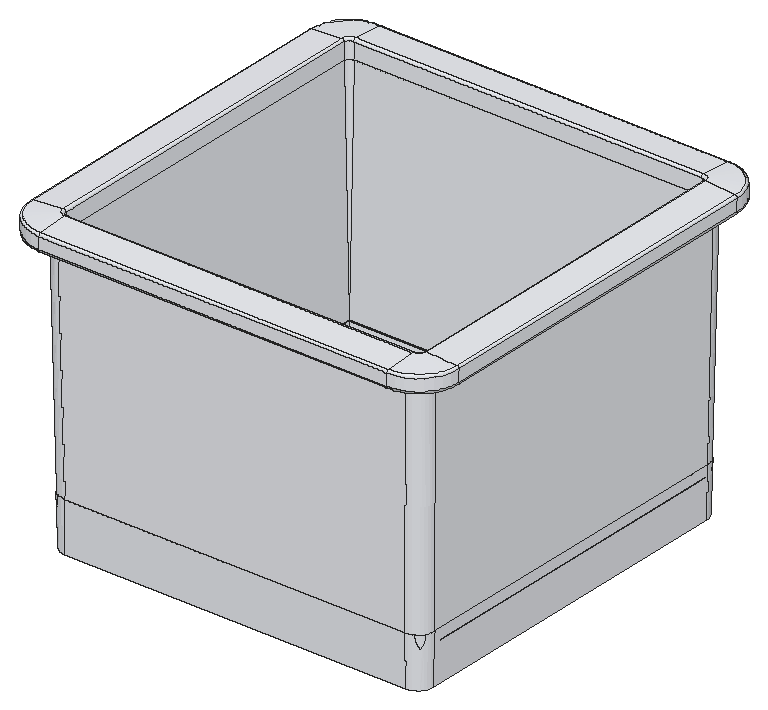
Revit family "Sink-Lab-Caroma Medium1", category Plumbing Fixtures, host Face, Revit 2012
Parameters (values of type "Lab Sink Medium")
  Width_ANZRS = 375 mm  # constant formula
  Waste Radius [instance] = 30 mm
  Waste Position = 187.5 mm  # constant formula
  Waste Connection = yes
  Waste = Metal-Chrome-Caroma
  WFU = 2
  Vent Connection = no
  URL = "www.caroma.com.au"
  Type Comments = "50mm plug and waste not included"  # constant formula
  PlumbingMaterial_ANZRS = PVC-White-Caroma
  ModifiedIssue_ANZRS = 1.1  # constant formula
  Model = "674102W"
  Material_ANZRS = Porcelain-White-Caroma
  Manufacturer = "Caroma"  # constant formula
  Length_ANZRS = 375 mm  # constant formula
  Keynote = "SK"
  HW Connection = no
  Description = "Lab Sink Medium"
  Depth_ANZRS = 265 mm  # constant formula
  Default Elevation = 0 mm
  CreatedBy_ANZRS = "Design Content"  # constant formula
  CreatedByURL_ANZRS = "www.designcontent.com.au"
  Cost = 749  # constant formula
  CW Connection = no
  Assembly Code = "D2010430"
Reference planes
  plane 1 "Center (Front/Back)": y = 0
  plane 2: z = 0
  plane 3 "Center (Left/Right)": x = 0
  plane 4 "Back": y = 187.5
  plane 5 "Front": y = -187.5
  plane 6 "Left": x = -187.5
  plane 7 "Right": x = 187.5
  plane 8 "Top": z = 18
  plane 9 "Waste Connector": z = -247
  plane 10 "Waste": y = 0
  plane 11: z = -227
Forms (mm)
  Sweep 1, solid, material "Porcelain-White-Caroma" <- "Material_ANZRS"
    path origin (0, 0, 0) x (1, 0, 0) y (0, 1, 0)
      loop
        arc (-152.5, 157.5) -> (-156.036, 156.036) -> (-157.5, 152.5) r 5
        line (-157.5, 152.5) -> (-157.5, -152.5)
        arc (-157.5, -152.5) -> (-156.036, -156.036) -> (-152.5, -157.5) r 5
        line (-152.5, -157.5) -> (152.5, -157.5)
        arc (152.5, -157.5) -> (156.036, -156.036) -> (157.5, -152.5) r 5
        line (157.5, -152.5) -> (157.5, 152.5)
        arc (157.5, 152.5) -> (156.036, 156.036) -> (152.5, 157.5) r 5
        line (152.5, 157.5) -> (-152.5, 157.5)
    profile origin (0, 157.5, 0) x (0, 1, 0) y (0, 0, 1)
      loop
        line (30, 2) -> (30, 12.533)
        arc (30, 12.533) -> (29.495, 13.872) -> (28.231, 14.545) r 2.029
        arc (28.231, 14.545) -> (15.153, 15.837) -> (2.022, 16.348) r 220.593
        arc (2.022, 16.348) -> (0.609, 15.781) -> (0.004, 14.383) r 2
        line (0.004, 14.383) -> (-0.247, 0) -> (28, 0)
        arc (28, 0) -> (29.414, 0.586) -> (30, 2) r 2
  Blend 2, solid, material "Porcelain-White-Caroma" <- "Material_ANZRS"
    base sketch origin (0, 0, 0) x (1, 0, 0) y (0, 1, 0)
      loop
        line (-157.253, -152.5) -> (-157.253, 152.5)
        arc (-157.253, 152.5) -> (-155.861, 155.861) -> (-152.5, 157.253) r 4.753
        line (-152.5, 157.253) -> (0, 157.253) -> (0, 167.253) -> (-152.5, 167.253)
        arc (-152.5, 167.253) -> (-162.932, 162.932) -> (-167.253, 152.5) r 14.753
        line (-167.253, 152.5) -> (-167.253, -152.5)
        arc (-167.253, -152.5) -> (-162.932, -162.932) -> (-152.5, -167.253) r 14.753
        line (-152.5, -167.253) -> (0, -167.253) -> (0, -157.253) -> (-152.5, -157.253)
        arc (-152.5, -157.253) -> (-155.861, -155.861) -> (-157.253, -152.5) r 4.753
    top sketch origin (0, 0, 0) x (1, 0, 0) y (0, 1, 0)
      loop
        line (0, -154.053) -> (-154.053, -154.053) -> (-154.053, 154.053) -> (0, 154.053) -> (0, 164.053) -> (-149.253, 164.053)
        arc (-149.253, 164.053) -> (-159.718, 159.718) -> (-164.053, 149.253) r 14.8
        line (-164.053, 149.253) -> (-164.053, -149.253)
        arc (-164.053, -149.253) -> (-159.718, -159.718) -> (-149.253, -164.053) r 14.8
        line (-149.253, -164.053) -> (0, -164.053) -> (0, -154.053)
    from 0 to -203
  Sweep 3, solid, material "Porcelain-White-Caroma" <- "Material_ANZRS"
    path origin (0, 0, 0) x (1, 0, 0) y (0, 1, 0)
      loop
        line (-154.053, 154.053) -> (-154.053, -154.053) -> (154.053, -154.053) -> (154.053, 154.053) -> (-154.053, 154.053)
    profile origin (0, 154.053, 0) x (0, 1, 0) y (0, 0, 1)
      loop
        arc (-0.028, -204.455) -> (-4.1, -214.446) -> (-13.824, -219.119) r 15
        line (-13.824, -219.119) -> (-106.368, -226.552) -> (-106.368, -234.578) -> (-13.184, -227.093)
        arc (-13.184, -227.093) -> (1.727, -219.927) -> (7.971, -204.608) r 23
        line (7.971, -204.608) -> (8.001, -203) -> (0, -203) -> (-0.028, -204.455)
  Sweep 4, solid, material "Porcelain-White-Caroma" <- "Material_ANZRS"
    path origin (0, 0, 0) x (1, 0, 0) y (0, 1, 0)
      loop
        line (-149.253, -164.053) -> (149.253, -164.053)
        arc (149.253, -164.053) -> (159.718, -159.718) -> (164.053, -149.253) r 14.8
        line (164.053, -149.253) -> (164.053, 149.253)
        arc (164.053, 149.253) -> (159.718, 159.718) -> (149.253, 164.053) r 14.8
        line (149.253, 164.053) -> (-149.253, 164.053)
        arc (-149.253, 164.053) -> (-159.718, 159.718) -> (-164.053, 149.253) r 14.8
        line (-164.053, 149.253) -> (-164.053, -149.253)
        arc (-164.053, -149.253) -> (-159.718, -159.718) -> (-149.253, -164.053) r 14.8
    profile origin (0, 164.053, 0) x (0, 1, 0) y (0, 0, 1)
      loop
        line (-0.843, -247) -> (0, -203) -> (-5.001, -203) -> (-5.844, -247) -> (-0.843, -247)
  Blend 5, solid, material "Porcelain-White-Caroma" <- "Material_ANZRS"
    base sketch origin (0, 0, 0) x (-1, 0, 0) y (0, -1, 0)
      loop
        arc (-157.253, 152.5) -> (-155.861, 155.861) -> (-152.5, 157.253) r 4.753
        line (-152.5, 157.253) -> (0, 157.253) -> (0, 167.253) -> (-152.5, 167.253)
        arc (-152.5, 167.253) -> (-162.932, 162.932) -> (-167.253, 152.5) r 14.753
        line (-167.253, 152.5) -> (-167.253, -152.5)
        arc (-167.253, -152.5) -> (-162.932, -162.932) -> (-152.5, -167.253) r 14.753
        line (-152.5, -167.253) -> (0, -167.253) -> (0, -157.253) -> (-152.5, -157.253)
        arc (-152.5, -157.253) -> (-155.861, -155.861) -> (-157.253, -152.5) r 4.753
        line (-157.253, -152.5) -> (-157.253, 152.5)
    top sketch origin (0, 0, 0) x (-1, 0, 0) y (0, -1, 0)
      loop
        line (0, 154.053) -> (0, 164.053) -> (-149.253, 164.053)
        arc (-149.253, 164.053) -> (-159.718, 159.718) -> (-164.053, 149.253) r 14.8
        line (-164.053, 149.253) -> (-164.053, -149.253)
        arc (-164.053, -149.253) -> (-159.718, -159.718) -> (-149.253, -164.053) r 14.8
        line (-149.253, -164.053) -> (0, -164.053) -> (0, -154.053) -> (-154.053, -154.053) -> (-154.053, 154.053) -> (0, 154.053)
    from 0 to -203
  Sweep 6, void
    path origin (0, 0, 0) x (1, 0, 0) y (0, 1, 0)
      loop
        line (-149.253, -164.053) -> (149.253, -164.053)
        arc (149.253, -164.053) -> (159.718, -159.718) -> (164.053, -149.253) r 14.8
        line (164.053, -149.253) -> (164.053, 149.253)
        arc (164.053, 149.253) -> (159.718, 159.718) -> (149.253, 164.053) r 14.8
        line (149.253, 164.053) -> (-149.253, 164.053)
        arc (-149.253, 164.053) -> (-159.718, 159.718) -> (-164.053, 149.253) r 14.8
        line (-164.053, 149.253) -> (-164.053, -149.253)
        arc (-164.053, -149.253) -> (-159.718, -159.718) -> (-149.253, -164.053) r 14.8
    profile origin (0, 164.053, 0) x (0, 1, 0) y (0, 0, 1)
      loop
        line (-0.843, -247) -> (23.447, -247) -> (23.447, -203) -> (0, -203) -> (-0.843, -247)
  Extrusion 7, solid, material "Porcelain-White-Caroma" <- "Material_ANZRS"
    sketch origin (0, 0, 0) x (1, 0, 0) y (0, 1, 0)
      loop
        line (-47.685, 47.685) -> (-47.685, -47.685) -> (47.685, -47.685) -> (47.685, 47.685) -> (-47.685, 47.685)
    from -226.552 to -234.578
  Revolve 8, solid, material "Metal-Chrome-Caroma" <- "Waste", detail levels fine
    sketch origin (0, 0, 0) x (0, 1, 0) y (0, 0, 1)
      loop
        line (0, -246.269) -> (12.21, -246.269) -> (21.918, -240.887) -> (21.918, -238.467) -> (29.948, -238.467) -> (29.948, -237.557) -> (28.872, -236.885) -> (22.656, -236.885) -> (21.446, -238.094) -> (21.446, -240.891) -> (18.572, -242.484) -> (18.572, -241.473) -> (17.217, -240.118)
        arc (17.217, -240.118) -> (8.63, -239.203) -> (0, -238.898) r 122.166
        line (0, -238.898) -> (0, -246.269)
      axis (0, -246.269) -> (0, -236.885)
    angle from 0 to 360
  Revolve 9, void
    sketch origin (0, 0, 0) x (0, 1, 0) y (0, 0, 1)
      loop
        line (32.478, -248.67) -> (32.478, -234.593) -> (58.279, -219.696) -> (0, -219.696) -> (0, -248.67) -> (32.478, -248.67)
      axis (0, -219.696) -> (0, -248.67)
    angle from 0 to 360
  Revolve 10, solid, material "Porcelain-White-Caroma" <- "Material_ANZRS"
    sketch origin (0, 0, 0) x (0, 1, 0) y (0, 0, 1)
      loop
        line (32.478, -244.218) -> (20, -255.453) -> (20, -278.67) -> (30, -278.67) -> (30, -259.905) -> (42.478, -248.67) -> (42.478, -240.366) -> (54.218, -233.588) -> (44.015, -227.932) -> (32.478, -234.593) -> (32.478, -244.218)
      axis (0, -227.932) -> (0, -278.67)
    angle from 0 to 360
  Extrusion 11, void
    sketch origin (0, 0, 0) x (1, 0, 0) y (0, 1, 0)
      loop
        arc (-157.5, 177.5) -> (-171.642, 171.642) -> (-177.5, 157.5) r 20
        line (-177.5, 157.5) -> (-177.5, -157.5)
        arc (-177.5, -157.5) -> (-171.642, -171.642) -> (-157.5, -177.5) r 20
        line (-157.5, -177.5) -> (157.5, -177.5)
        arc (157.5, -177.5) -> (171.642, -171.642) -> (177.5, -157.5) r 20
        line (177.5, -157.5) -> (177.5, 157.5)
        arc (177.5, 157.5) -> (171.642, 171.642) -> (157.5, 177.5) r 20
        line (157.5, 177.5) -> (-157.5, 177.5)
    from 0 to -247
  Extrusion 12, void
    sketch origin (0, 0, 0) x (1, 0, 0) y (0, 1, 0)
      loop
        arc (-157.5, 177.5) -> (-171.642, 171.642) -> (-177.5, 157.5) r 20
        line (-177.5, 157.5) -> (-177.5, -157.5)
        arc (-177.5, -157.5) -> (-171.642, -171.642) -> (-157.5, -177.5) r 20
        line (-157.5, -177.5) -> (157.5, -177.5)
        arc (157.5, -177.5) -> (171.642, -171.642) -> (177.5, -157.5) r 20
        line (177.5, -157.5) -> (177.5, 157.5)
        arc (177.5, 157.5) -> (171.642, 171.642) -> (157.5, 177.5) r 20
        line (157.5, 177.5) -> (-157.5, 177.5)
    from 0 to -247
Cuts and joins
  Revolve 9 cuts Extrusion 7
  Sweep 6 cuts Sweep 3
  joined: Sweep 3, Sweep 4
  joined: Blend 2, Blend 5
Lines and regions (mm)
  Masking region 1
    outline origin (0, 0, 0) x (1, 0, 0) y (0, 1, 0)
      loop
        arc (-157.5, 187.5) -> (-178.713, 178.713) -> (-187.5, 157.5) r 30
        line (-187.5, 157.5) -> (-187.5, -157.5)
        arc (-187.5, -157.5) -> (-178.713, -178.713) -> (-157.5, -187.5) r 30
        line (-157.5, -187.5) -> (157.5, -187.5)
        arc (157.5, -187.5) -> (178.713, -178.713) -> (187.5, -157.5) r 30
        line (187.5, -157.5) -> (187.5, 157.5)
        arc (187.5, 157.5) -> (178.713, 178.713) -> (157.5, 187.5) r 30
        line (157.5, 187.5) -> (-157.5, 187.5)
  Masking region 2
    outline origin (0, 0, 0) x (1, 0, 0) y (0, 0, 1)
      loop
        line (-185.5, 0) -> (185.5, 0)
        arc (185.5, 0) -> (186.914, 0.586) -> (187.5, 2) r 2
        line (187.5, 2) -> (187.5, 11.77)
        arc (187.5, 11.77) -> (187.003, 13.103) -> (185.754, 13.785) r 2.036
        arc (185.754, 13.785) -> (172.651, 15.227) -> (159.477, 15.709) r 180.346
        line (159.477, 15.709) -> (-159.477, 15.709)
        arc (-159.477, 15.709) -> (-172.631, 15.392) -> (-185.754, 14.44) r 272.651
        arc (-185.754, 14.44) -> (-187.003, 13.758) -> (-187.5, 12.425) r 2.036
        line (-187.5, 12.425) -> (-187.5, 2)
        arc (-187.5, 2) -> (-186.914, 0.586) -> (-185.5, 0) r 2
  Masking region 3
    outline origin (0, 0, 0) x (0, 1, 0) y (0, 0, 1)
      loop
        line (-185.5, 0) -> (185.5, 0)
        arc (185.5, 0) -> (186.914, 0.586) -> (187.5, 2) r 2
        line (187.5, 2) -> (187.5, 11.77)
        arc (187.5, 11.77) -> (187.003, 13.103) -> (185.754, 13.785) r 2.036
        arc (185.754, 13.785) -> (172.651, 15.227) -> (159.477, 15.709) r 180.346
        line (159.477, 15.709) -> (-159.477, 15.709)
        arc (-159.477, 15.709) -> (-172.631, 15.392) -> (-185.754, 14.44) r 272.651
        arc (-185.754, 14.44) -> (-187.003, 13.758) -> (-187.5, 12.425) r 2.036
        line (-187.5, 12.425) -> (-187.5, 2)
        arc (-187.5, 2) -> (-186.914, 0.586) -> (-185.5, 0) r 2
  symbolic lines
    curve 1: circle (0, 0, 0) r 26.339 normal (0, 0, 1)
    curve 2: circle (0, 0, 0) r 36.61 normal (0, 0, 1)
  symbolic lines, style "PlumbingFixtures"
    curve 3: line (-157.5, 152.5, 0) -> (-157.5, -152.5, 0)
    curve 4: line (-152.5, -157.5, 0) -> (152.5, -157.5, 0)
    curve 5: line (157.5, -152.5, 0) -> (157.5, 152.5, 0)
    curve 6: line (152.5, 157.5, 0) -> (-152.5, 157.5, 0)
    curve 7: arc (-152.5, 157.5, 0) -> (-156.036, 156.036, 0) -> (-157.5, 152.5, 0) r 5
    curve 8: arc (157.5, 152.5, 0) -> (156.036, 156.036, 0) -> (152.5, 157.5, 0) r 5
    curve 9: arc (-157.5, -152.5, 0) -> (-156.036, -156.036, 0) -> (-152.5, -157.5, 0) r 5
    curve 10: arc (152.5, -157.5, 0) -> (156.036, -156.036, 0) -> (157.5, -152.5, 0) r 5
  symbolic lines, style "PlumbingFixturesHiddenLines"
    curve 11: line (0, 167.253, 0) -> (0, 163.267, -248.67)
    curve 12: line (0, 163.267, -248.67) -> (0, -163.267, -248.67)
    curve 13: line (0, -167.253, 0) -> (0, -163.267, -248.67)
    curve 14: line (-167.253, 0, 0) -> (-163.037, 0, -247)
    curve 15: line (-163.037, 0, -247) -> (163.037, 0, -247)
    curve 16: line (167.253, 0, 0) -> (163.037, 0, -247)
Dimensions and locks
  equal spacing: plane 6 "Left", plane 3 "Center (Left/Right)", plane 7 "Right"
  "Length_ANZRS": plane 6 "Left" to plane 7 "Right"
  equal spacing: plane 4 "Back", plane 1 "Center (Front/Back)", plane 5 "Front"
  "Width_ANZRS": plane 5 "Front" to plane 4 "Back"
  locked: plane 8 "Top" to level at 18
  "Waste Position": plane 4 "Back" to plane 10 "Waste"
  "Depth_ANZRS": plane 8 "Top" to plane 9 "Waste Connector"
  locked: Sweep 1 sketch curve to plane 7 "Right" at 30
  locked: plane 4 "Back" to Sweep 1 sketch curve at 30
  locked: plane 6 "Left" to Sweep 1 sketch curve at 30
  locked: plane 5 "Front" to Sweep 1 sketch curve at 30
  locked: plane 11 to plane 9 "Waste Connector" at 20
  aligned and locked: plane 2 to host face
  aligned and locked: level to host face
Automatic sketch dimensions
  host sketch curve to host sketch curve = 2438.4 mm  (x2)
  Sweep 1 sketch curve to Sweep 1 sketch curve = 5 mm  (x4)
  Sweep 1 sketch curve to level = 0 mm
  profile plane to Sweep 1 sketch curve = 0.247 mm
  Sweep 1 sketch curve to profile plane = 0.004 mm
  Sweep 1 sketch curve to profile plane = 0.011 mm
  Sweep 1 sketch curve to Sweep 1 sketch curve = 2 mm
  Sweep 1 sketch curve to Sweep 1 sketch curve = 0.018 mm
  Sweep 1 sketch curve to Sweep 1 sketch curve = 0 mm  (x2)
  level to Sweep 1 sketch curve = 12.533 mm
  Sweep 1 sketch curve to Sweep 1 sketch curve = 25.967 mm
  level to Sweep 1 sketch curve = 2 mm
  Sweep 1 sketch curve to Sweep 1 sketch curve = 0.029 mm
  Sweep 1 sketch curve to Sweep 1 sketch curve = 0.26 mm
  Blend 2 sketch curve to Blend 2 sketch curve = 0 mm  (x4)
  Blend 2 sketch curve to plane 3 "Center (Left/Right)" = 0 mm  (x4)
  Blend 2 sketch curve to plane 6 "Left" = 35 mm  (x2)
  Blend 2 sketch curve to Blend 2 sketch curve = 4.753 mm
  Blend 2 sketch curve to Blend 2 sketch curve = 10 mm  (x4)
  Blend 2 sketch curve to plane 5 "Front" = 20.247 mm
  Blend 2 sketch curve to plane 4 "Back" = 35 mm
  Blend 2 sketch curve to plane 6 "Left" = 38.247 mm  (x2)
  Blend 2 sketch curve to Blend 2 sketch curve = 4.8 mm
  Blend 2 sketch curve to plane 5 "Front" = 23.447 mm
  Blend 2 sketch curve to plane 4 "Back" = 38.247 mm
  Sweep 3 sketch curve to plane 6 "Left" = 33.447 mm
  Sweep 3 sketch curve to plane 7 "Right" = 33.447 mm
  Sweep 3 sketch curve to plane 5 "Front" = 33.447 mm
  Sweep 3 sketch curve to plane 4 "Back" = 33.447 mm
  Sweep 4 sketch curve to plane 6 "Left" = 23.447 mm
  Sweep 4 sketch curve to Sweep 4 sketch curve = 14.8 mm  (x3)
  Sweep 4 sketch curve to plane 7 "Right" = 38.247 mm  (x2)
  Sweep 4 sketch curve to plane 4 "Back" = 23.447 mm
  Sweep 4 sketch curve to plane 5 "Front" = 38.247 mm
  Blend 5 sketch curve to Blend 5 sketch curve = 0 mm  (x4)
  Blend 5 sketch curve to plane 3 "Center (Left/Right)" = 0 mm  (x4)
  plane 7 "Right" to Blend 5 sketch curve = 35 mm  (x2)
  Blend 5 sketch curve to Blend 5 sketch curve = 4.753 mm
  Blend 5 sketch curve to Blend 5 sketch curve = 10 mm  (x4)
  plane 5 "Front" to Blend 5 sketch curve = 20.247 mm
  plane 4 "Back" to Blend 5 sketch curve = 35 mm
  plane 7 "Right" to Blend 5 sketch curve = 38.247 mm  (x2)
  Blend 5 sketch curve to Blend 5 sketch curve = 4.8 mm
  plane 5 "Front" to Blend 5 sketch curve = 23.447 mm
  plane 4 "Back" to Blend 5 sketch curve = 38.247 mm
  Sweep 6 sketch curve to plane 6 "Left" = 23.447 mm
  Sweep 6 sketch curve to Sweep 6 sketch curve = 14.8 mm  (x3)
  Sweep 6 sketch curve to plane 7 "Right" = 38.247 mm  (x2)
  Sweep 6 sketch curve to plane 4 "Back" = 23.447 mm
  Sweep 6 sketch curve to plane 5 "Front" = 38.247 mm
  Revolve 8 sketch curve to plane 1 "Center (Front/Back)" = 0 mm  (x2)
  plane 9 "Waste Connector" to Revolve 8 sketch curve = 0.731 mm
  Revolve 8 sketch curve to Revolve 8 sketch curve = 12.21 mm
  plane 9 "Waste Connector" to Revolve 8 sketch curve = 6.882 mm
  plane 9 "Waste Connector" to Revolve 8 sketch curve = 5.527 mm
  Revolve 8 sketch curve to Revolve 8 sketch curve = 1.355 mm
  plane 9 "Waste Connector" to Revolve 8 sketch curve = 8.906 mm
  Revolve 8 sketch curve to Revolve 8 sketch curve = 2.874 mm
  Revolve 8 sketch curve to Revolve 8 sketch curve = 0.472 mm
  Revolve 8 sketch curve to Revolve 8 sketch curve = 1.209 mm
  Revolve 8 sketch curve to plane 11 = 9.885 mm
  Revolve 8 sketch curve to Revolve 8 sketch curve = 6.217 mm
  Revolve 8 sketch curve to Revolve 8 sketch curve = 1.076 mm
  Revolve 8 sketch curve to plane 9 "Waste Connector" = 5.153 mm
  Revolve 8 sketch curve to Revolve 8 sketch curve = 7.605 mm
  Revolve 8 sketch curve to Revolve 8 sketch curve = 1.011 mm
  Revolve 8 sketch curve to Revolve 8 sketch curve = 2.797 mm
  Revolve 8 sketch curve to Revolve 8 sketch curve = 0.004 mm
  Revolve 8 sketch curve to Revolve 8 sketch curve = 7.37 mm
  Revolve 8 sketch curve to Revolve 8 sketch curve = 1.583 mm
  Revolve 8 sketch curve to Revolve 8 sketch curve = 0.911 mm
  Revolve 8 sketch curve to Revolve 8 sketch curve = 5.008 mm
  Revolve 9 sketch curve to plane 1 "Center (Front/Back)" = 0 mm  (x2)
  Revolve 9 sketch curve to plane 9 "Waste Connector" = 1.67 mm
  Revolve 9 sketch curve to plane 1 "Center (Front/Back)" = 32.478 mm
  Revolve 9 sketch curve to plane 11 = 7.593 mm
  plane 11 to Revolve 9 sketch curve = 7.304 mm
  Revolve 9 sketch curve to Revolve 9 sketch curve = 25.802 mm
  Revolve 9 sketch curve to Revolve 9 sketch curve = 4.153 mm
  Revolve 9 sketch curve to Revolve 9 sketch curve = 4.537 mm
  Revolve 10 sketch curve to plane 1 "Center (Front/Back)" = 20 mm
  Revolve 10 sketch curve to plane 1 "Center (Front/Back)" = 0 mm
  Revolve 10 sketch curve to plane 11 = 0.932 mm
  Revolve 10 sketch curve to Revolve 10 sketch curve = 1.537 mm
  Revolve 10 sketch curve to plane 11 = 6.588 mm
  Revolve 10 sketch curve to Revolve 10 sketch curve = 10.204 mm
  Revolve 10 sketch curve to plane 11 = 7.593 mm
  plane 9 "Waste Connector" to Revolve 10 sketch curve = 6.634 mm
  Revolve 10 sketch curve to plane 9 "Waste Connector" = 1.67 mm
  Revolve 10 sketch curve to plane 9 "Waste Connector" = 5.469 mm
  Revolve 10 sketch curve to Revolve 10 sketch curve = 9.245 mm
  Revolve 10 sketch curve to Revolve 10 sketch curve = 16.956 mm
  Revolve 10 sketch curve to Revolve 10 sketch curve = 4.452 mm
  Revolve 10 sketch curve to plane 9 "Waste Connector" = 8.453 mm
  Revolve 10 sketch curve to Revolve 10 sketch curve = 10 mm  (x2)
  plane 9 "Waste Connector" to Revolve 10 sketch curve = 2.782 mm
  Revolve 10 sketch curve to Revolve 10 sketch curve = 12.478 mm
  Masking region 1 sketch curve to plane 6 "Left" = 0 mm
  Masking region 1 sketch curve to plane 4 "Back" = 0 mm
  plane 5 "Front" to Masking region 1 sketch curve = 0 mm
  Masking region 1 sketch curve to plane 7 "Right" = 0 mm
  Masking region 1 sketch curve to plane 6 "Left" = 30 mm  (x2)
  Masking region 1 sketch curve to plane 7 "Right" = 30 mm
  Masking region 1 sketch curve to Masking region 1 sketch curve = 30 mm
  curve 1 to curve 2 = 0 mm  (x2)
  plane 1 "Center (Front/Back)" to curve 2 = 0 mm
  curve 2 to plane 3 "Center (Left/Right)" = 0 mm
  curve 7 to plane 6 "Left" = 35 mm
  curve 9 to plane 6 "Left" = 35 mm
  curve 7 to curve 7 = 5 mm
  curve 4 to plane 5 "Front" = 30 mm
  curve 4 to plane 7 "Right" = 35 mm
  curve 6 to plane 7 "Right" = 35 mm
  curve 8 to curve 8 = 5 mm
  curve 7 to plane 4 "Back" = 35 mm
  curve 13 to level = 0 mm
  curve 11 to level = 0 mm
  curve 13 to plane 5 "Front" = 20.247 mm
  curve 12 to plane 9 "Waste Connector" = 1.67 mm
  curve 12 to plane 5 "Front" = 24.233 mm
  curve 12 to plane 4 "Back" = 24.233 mm
  curve 11 to plane 4 "Back" = 20.247 mm
  Sweep 3 sketch curve to Sweep 3 sketch curve = 0 mm  (x2)
  Sweep 3 sketch curve to profile plane = 0 mm
  profile plane to Sweep 3 sketch curve = 0.028 mm
  profile plane to Sweep 3 sketch curve = 13.184 mm
  Sweep 3 sketch curve to Sweep 3 sketch curve = 0.64 mm
  Sweep 3 sketch curve to Sweep 3 sketch curve = 1.201 mm
  Sweep 3 sketch curve to Sweep 3 sketch curve = 92.544 mm
  Sweep 3 sketch curve to profile plane = 7.971 mm
  Sweep 3 sketch curve to Sweep 3 sketch curve = 0.031 mm
  Sweep 3 sketch curve to level = 234.578 mm
  Sweep 3 sketch curve to Sweep 3 sketch curve = 7.484 mm
  Sweep 3 sketch curve to Sweep 3 sketch curve = 8.026 mm
  Sweep 3 sketch curve to Sweep 3 sketch curve = 7.974 mm
  Sweep 3 sketch curve to Sweep 3 sketch curve = 14.511 mm
  Sweep 3 sketch curve to Sweep 3 sketch curve = 1.608 mm
  Sweep 6 sketch curve to profile plane = 0 mm
  profile plane to Sweep 6 sketch curve = 0.843 mm
  Sweep 6 sketch curve to Sweep 6 sketch curve = 23.447 mm
  Sweep 6 sketch curve to level = 247 mm
  Sweep 6 sketch curve to Sweep 6 sketch curve = 44 mm
  Sweep 4 sketch curve to profile plane = 0 mm
  profile plane to Sweep 4 sketch curve = 0.843 mm
  profile plane to Sweep 4 sketch curve = 5.001 mm
  Sweep 4 sketch curve to Sweep 4 sketch curve = 5.001 mm
  Sweep 4 sketch curve to level = 247 mm
  Sweep 4 sketch curve to Sweep 4 sketch curve = 44 mm
  Extrusion 7 sketch curve to plane 3 "Center (Left/Right)" = 47.685 mm
  plane 3 "Center (Left/Right)" to Extrusion 7 sketch curve = 47.685 mm
  plane 1 "Center (Front/Back)" to Extrusion 7 sketch curve = 47.685 mm
  Extrusion 7 sketch curve to plane 1 "Center (Front/Back)" = 47.685 mm
  curve 14 to level = 0 mm
  curve 15 to plane 9 "Waste Connector" = 0 mm
  curve 16 to level = 0 mm
  curve 14 to plane 6 "Left" = 20.247 mm
  curve 15 to plane 6 "Left" = 24.463 mm
  curve 16 to plane 7 "Right" = 24.463 mm
  curve 16 to plane 7 "Right" = 20.247 mm
  plane 6 "Left" to Masking region 2 sketch curve = 0 mm
  Masking region 2 sketch curve to level = 0 mm
  Masking region 2 sketch curve to plane 7 "Right" = 0 mm
  Masking region 2 sketch curve to plane 6 "Left" = 1.746 mm
  Masking region 2 sketch curve to Masking region 2 sketch curve = 2 mm
  Masking region 2 sketch curve to plane 6 "Left" = 2.036 mm
  Masking region 2 sketch curve to plane 8 "Top" = 2.291 mm
  Masking region 2 sketch curve to Masking region 2 sketch curve = 25.987 mm
  Masking region 2 sketch curve to plane 7 "Right" = 28.023 mm
  Masking region 2 sketch curve to plane 7 "Right" = 2.036 mm
  Masking region 2 sketch curve to plane 7 "Right" = 2 mm
  Masking region 2 sketch curve to plane 7 "Right" = 1.746 mm
  Masking region 2 sketch curve to plane 9 "Waste Connector" = 9.942 mm
  plane 11 to Masking region 2 sketch curve = 62.364 mm
  Masking region 3 sketch curve to plane 5 "Front" = 0 mm
  Masking region 3 sketch curve to level = 0 mm
  Masking region 3 sketch curve to plane 4 "Back" = 0 mm
  Masking region 3 sketch curve to plane 5 "Front" = 1.746 mm
  Masking region 3 sketch curve to Masking region 3 sketch curve = 2 mm
  Masking region 3 sketch curve to plane 5 "Front" = 2.036 mm
  Masking region 3 sketch curve to plane 8 "Top" = 2.291 mm
  Masking region 3 sketch curve to Masking region 3 sketch curve = 25.987 mm
  Masking region 3 sketch curve to plane 4 "Back" = 28.023 mm
  Masking region 3 sketch curve to plane 4 "Back" = 2.036 mm
  Masking region 3 sketch curve to plane 4 "Back" = 2 mm
  Masking region 3 sketch curve to plane 4 "Back" = 1.746 mm
  plane 11 to Masking region 3 sketch curve = 62.364 mm
  Masking region 3 sketch curve to plane 9 "Waste Connector" = 9.942 mm
  Extrusion 11 sketch curve to plane 6 "Left" = 10 mm
  Extrusion 11 sketch curve to plane 4 "Back" = 10 mm
  Extrusion 11 sketch curve to plane 5 "Front" = 10 mm
  Extrusion 11 sketch curve to plane 7 "Right" = 10 mm
  Extrusion 11 sketch curve to plane 5 "Front" = 30 mm
  Extrusion 11 sketch curve to plane 6 "Left" = 30 mm
  Extrusion 11 sketch curve to plane 7 "Right" = 30 mm  (x2)
  Extrusion 12 sketch curve to plane 6 "Left" = 10 mm
  Extrusion 12 sketch curve to Extrusion 12 sketch curve = 20 mm  (x2)
  Extrusion 12 sketch curve to plane 4 "Back" = 10 mm
  Extrusion 12 sketch curve to plane 5 "Front" = 10 mm
  Extrusion 12 sketch curve to plane 7 "Right" = 30 mm  (x2)
  Extrusion 12 sketch curve to plane 7 "Right" = 10 mm
  radius of curve 1 = 26.339 mm
  radius of curve 2 = 36.61 mm
Connectors
  piping at (0, 0, -278.67), driven by "WFU", driven by "Waste Radius"
    settings: on Revolve 10, index 1, connector radius 1.1811", flow factor 0, pipe flow 0 GPM, pressure drop 0.00 psi, fitting loss kfactor 0, connector angle 0.00°, fixture units 2, engagement length 0 mm, flow configuration 3, flow direction 2, fitting loss method 1, system type 16, joint type 0, gender type 0, connector reference index -1, connector utility 0, adjustable connector no, is connector primary yes, fitting loss table "Outlet", connector description "Waste"
